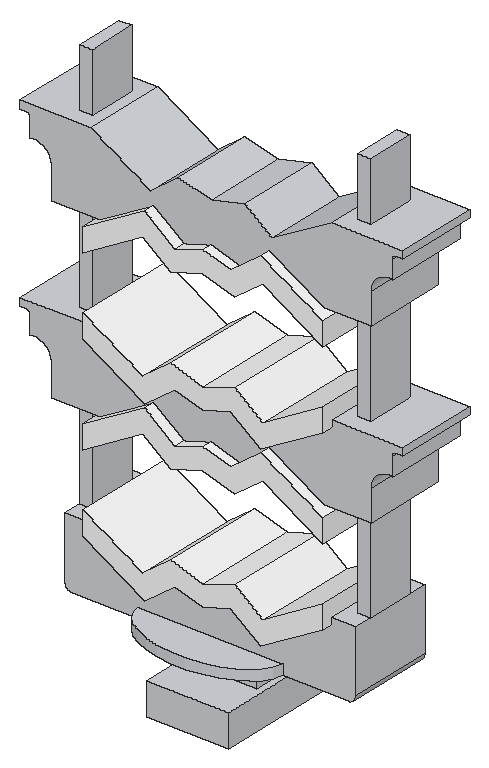
Revit family "550-2122Q", category Pipe Accessories, Revit 2017
Family settings
  Round Connector Dimension = Use Diameter
  Part Type = Normal
  Work Plane-Based = No
  Always vertical = Yes
  Cut with Voids When Loaded = No
  Shared = No
Parameters
  URL = "WWW.SIOUXCHIEF.COM"
  Spread Distance 2 [instance] = 1.000"
  Spread Distance [instance] = 1.000"
  Model = "550-2122Q"
  Manufacturer = "SIOUX CHIEF MANUFACTURING, INC."
  Description = "TD+ UNIVERSAL CLAMPS"
Reference planes (in)
  plane 1 "Center (Front/Back)": y = 0
  plane 2: z = 0
  plane 3 "Center (Left/Right)": x = 0
  plane 4: z = 0.60185
  plane 5: z = 1.60185
  plane 6: z = 3.34699
  plane 7: z = 2.34699
Forms (in)
  Extrusion 1, solid
    sketch origin (0, 0, 0) x (1, 0, 0) y (0, 1, 0)
      loop
        line (-1.4375, 0.24262) -> (-1.4375, -0.24262) -> (-1.3125, -0.24262) -> (-1.3125, 0.24262) -> (-1.4375, 0.24262)
    from 0.679 to 4.75
  Extrusion 2, solid
    sketch origin (0, 0, 0) x (-1, 0, 0) y (0, -1, 0)
      loop
        line (-1.4375, -0.24262) -> (-1.3125, -0.24262) -> (-1.3125, 0.24262) -> (-1.4375, 0.24262) -> (-1.4375, -0.24262)
    from 0.679 to 4.75
  Extrusion 3, solid
    sketch origin (0, 0.39993, 0) x (1, 0, 0) y (0, 0, 1)
      loop
        arc (1.365, 0) -> (1.4162, 0.0212) -> (1.4374, 0.0724) r 0.0724
        line (1.4374, 0.0724) -> (1.4374, 0.679) -> (1.1346, 0.679) -> (0.6041, 0.3762) -> (0.3361, 0.5915) -> (0, 0.50643) -> (-0.3361, 0.5915) -> (-0.6041, 0.3762) -> (-1.1346, 0.679) -> (-1.4374, 0.679) -> (-1.4374, 0.0724)
        arc (-1.4374, 0.0724) -> (-1.4162, 0.0212) -> (-1.365, 0) r 0.0724
        line (-1.365, 0) -> (1.365, 0)
    from -0.02514 to 0.825
  Extrusion 4, solid
    sketch origin (0, -0.25, 0) x (1, 0, 0) y (0, 1, 0)
      loop
        line (-0.341, 0.525) -> (-0.341, -0.025) -> (0.341, -0.025) -> (0.341, 0.525) -> (-0.341, 0.525)
    from 0 to -0.316
  Extrusion 5, solid
    sketch origin (-0.11988, -0.04826, -2.5) x (1, 0, 0) y (0, 1, 0)
      loop
        line (-0.28262, 0.75376) -> (-0.28262, -0.65724) -> (0.52238, -0.65724) -> (0.52238, 0.75376) -> (-0.28262, 0.75376)
    from 1.8653 to 2.184
  Extrusion 6, solid
    sketch origin (0, 0, 0) x (1, 0, 0) y (0, 1, 0)
      loop
        spline (-0.711, -0.42507) -> (-0.68677, -0.52806) -> (-0.61574, -0.62404) -> (-0.50275, -0.70645) -> (-0.3555, -0.76969) -> (-0.18402, -0.80944) -> (0, -0.823) -> (0.18402, -0.80944) -> (0.3555, -0.76969) -> (0.50275, -0.70645) -> (0.61574, -0.62404) -> (0.68677, -0.52806) -> (0.711, -0.42507)
        line (0.711, -0.42507) -> (-0.711, -0.42507)
    from 0 to 0.1
  Extrusion 7, solid
    sketch origin (0, 0, 0) x (1, 0, 0) y (0, 1, 0)
      loop
        line (-0.711, 0.42507) -> (0.711, 0.42507)
        spline (0.711, 0.42507) -> (0.68677, 0.52806) -> (0.61574, 0.62404) -> (0.50275, 0.70645) -> (0.3555, 0.76969) -> (0.18402, 0.80944) -> (0, 0.823) -> (-0.18402, 0.80944) -> (-0.3555, 0.76969) -> (-0.50275, 0.70645) -> (-0.61574, 0.62404) -> (-0.68677, 0.52806) -> (-0.711, 0.42507)
    from 0 to 0.1
  Extrusion 8, solid
    sketch origin (0, 0.25, 0.41715) x (1, 0, 0) y (0, 0, 1)
      loop
        line (-0.00363, 1.28449) -> (0.2179, 1.22889) -> (0.3651, 1.22889) -> (0.5873, 1.41219) -> (0.9151, 1.22889) -> (1.5817, 1.22889) -> (1.5817, 1.54282)
        arc (1.5817, 1.54282) -> (1.64704, 1.67873) -> (1.794, 1.71259) r 0.17403
        line (1.794, 1.71259) -> (1.794, 1.90206)
        arc (1.794, 1.90206) -> (1.80256, 1.92273) -> (1.82323, 1.93129) r 0.02923
        line (1.82323, 1.93129) -> (1.894, 1.93129) -> (1.894, 2.00699) -> (1.1924, 2.00699) -> (0.5952, 1.65979) -> (0.3319, 1.87079) -> (0, 1.78749) -> (-0.3319, 1.87079) -> (-0.5952, 1.65979) -> (-1.1924, 2.00699) -> (-1.894, 2.00699) -> (-1.894, 1.93129) -> (-1.82323, 1.93129)
        arc (-1.82323, 1.93129) -> (-1.80256, 1.92273) -> (-1.794, 1.90206) r 0.02923
        line (-1.794, 1.90206) -> (-1.794, 1.71259)
        arc (-1.794, 1.71259) -> (-1.64704, 1.67873) -> (-1.5817, 1.54282) r 0.17403
        line (-1.5817, 1.54282) -> (-1.5817, 1.22889) -> (-0.9151, 1.22889) -> (-0.5873, 1.41219) -> (-0.3651, 1.22889) -> (-0.2179, 1.22889) -> (0, 1.28357)
    from -0.1625 to 0.6625
  Extrusion 9, solid, not visible
    sketch origin (0, 0, 0) x (1, 0, 0) y (0, 1, 0)
      loop
        line (-1.4375, 0.24262) -> (-1.4375, -0.24262) -> (-1.3125, -0.24262) -> (-1.3125, 0.24262) -> (-1.4375, 0.24262)
    from 0.679 to 4.75
  Extrusion 10, solid, not visible
    sketch origin (0, 0, 0) x (-1, 0, 0) y (0, -1, 0)
      loop
        line (-1.4375, -0.24262) -> (-1.3125, -0.24262) -> (-1.3125, 0.24262) -> (-1.4375, 0.24262) -> (-1.4375, -0.24262)
    from 0.679 to 4.75
  Extrusion 11, solid, not visible
    sketch origin (0, 0.39993, 0) x (1, 0, 0) y (0, 0, 1)
      loop
        arc (1.365, 0) -> (1.4162, 0.0212) -> (1.4374, 0.0724) r 0.0724
        line (1.4374, 0.0724) -> (1.4374, 0.679) -> (1.1346, 0.679) -> (0.6041, 0.3762) -> (0.3361, 0.5915) -> (0, 0.50643) -> (-0.3361, 0.5915) -> (-0.6041, 0.3762) -> (-1.1346, 0.679) -> (-1.4374, 0.679) -> (-1.4374, 0.0724)
        arc (-1.4374, 0.0724) -> (-1.4162, 0.0212) -> (-1.365, 0) r 0.0724
        line (-1.365, 0) -> (1.365, 0)
    from -0.02514 to 0.825
  Extrusion 12, solid, not visible
    sketch origin (0, -0.25, 0) x (1, 0, 0) y (0, 1, 0)
      loop
        line (-0.341, 0.525) -> (-0.341, -0.025) -> (0.341, -0.025) -> (0.341, 0.525) -> (-0.341, 0.525)
    from 0 to -0.316
  Extrusion 13, solid, not visible
    sketch origin (-0.11988, -0.04826, -2.5) x (1, 0, 0) y (0, 1, 0)
      loop
        line (-0.28262, 0.75376) -> (-0.28262, -0.65724) -> (0.52238, -0.65724) -> (0.52238, 0.75376) -> (-0.28262, 0.75376)
    from 1.8653 to 2.184
  Extrusion 14, solid, not visible
    sketch origin (0, 0, 0) x (1, 0, 0) y (0, 1, 0)
      loop
        spline (-0.711, -0.42507) -> (-0.68677, -0.52806) -> (-0.61574, -0.62404) -> (-0.50275, -0.70645) -> (-0.3555, -0.76969) -> (-0.18402, -0.80944) -> (0, -0.823) -> (0.18402, -0.80944) -> (0.3555, -0.76969) -> (0.50275, -0.70645) -> (0.61574, -0.62404) -> (0.68677, -0.52806) -> (0.711, -0.42507)
        line (0.711, -0.42507) -> (-0.711, -0.42507)
    from 0 to 0.1
  Extrusion 15, solid, not visible
    sketch origin (0, 0, 0) x (1, 0, 0) y (0, 1, 0)
      loop
        line (-0.711, 0.42507) -> (0.711, 0.42507)
        spline (0.711, 0.42507) -> (0.68677, 0.52806) -> (0.61574, 0.62404) -> (0.50275, 0.70645) -> (0.3555, 0.76969) -> (0.18402, 0.80944) -> (0, 0.823) -> (-0.18402, 0.80944) -> (-0.3555, 0.76969) -> (-0.50275, 0.70645) -> (-0.61574, 0.62404) -> (-0.68677, 0.52806) -> (-0.711, 0.42507)
    from 0 to 0.1
  Extrusion 16, solid, not visible
    sketch origin (0, 0.25, 0) x (1, 0, 0) y (0, 0, 1)
      loop
        line (-0.00363, 1.28449) -> (0.2179, 1.22889) -> (0.3651, 1.22889) -> (0.5873, 1.41219) -> (0.9151, 1.22889) -> (1.5817, 1.22889) -> (1.5817, 1.54282)
        arc (1.5817, 1.54282) -> (1.64704, 1.67873) -> (1.794, 1.71259) r 0.17403
        line (1.794, 1.71259) -> (1.794, 1.90206)
        arc (1.794, 1.90206) -> (1.80256, 1.92273) -> (1.82323, 1.93129) r 0.02923
        line (1.82323, 1.93129) -> (1.894, 1.93129) -> (1.894, 2.00699) -> (1.1924, 2.00699) -> (0.5952, 1.65979) -> (0.3319, 1.87079) -> (0, 1.78749) -> (-0.3319, 1.87079) -> (-0.5952, 1.65979) -> (-1.1924, 2.00699) -> (-1.894, 2.00699) -> (-1.894, 1.93129) -> (-1.82323, 1.93129)
        arc (-1.82323, 1.93129) -> (-1.80256, 1.92273) -> (-1.794, 1.90206) r 0.02923
        line (-1.794, 1.90206) -> (-1.794, 1.71259)
        arc (-1.794, 1.71259) -> (-1.64704, 1.67873) -> (-1.5817, 1.54282) r 0.17403
        line (-1.5817, 1.54282) -> (-1.5817, 1.22889) -> (-0.9151, 1.22889) -> (-0.5873, 1.41219) -> (-0.3651, 1.22889) -> (-0.2179, 1.22889) -> (0, 1.28357)
    from -0.1625 to 0.6625
  Extrusion 17, solid
    sketch origin (0, 0.25, 2.16229) x (1, 0, 0) y (0, 0, 1)
      loop
        line (-0.00363, 1.28449) -> (0.2179, 1.22889) -> (0.3651, 1.22889) -> (0.5873, 1.41219) -> (0.9151, 1.22889) -> (1.5817, 1.22889) -> (1.5817, 1.54282)
        arc (1.5817, 1.54282) -> (1.64704, 1.67873) -> (1.794, 1.71259) r 0.17403
        line (1.794, 1.71259) -> (1.794, 1.90206)
        arc (1.794, 1.90206) -> (1.80256, 1.92273) -> (1.82323, 1.93129) r 0.02923
        line (1.82323, 1.93129) -> (1.894, 1.93129) -> (1.894, 2.00699) -> (1.1924, 2.00699) -> (0.5952, 1.65979) -> (0.3319, 1.87079) -> (0, 1.78749) -> (-0.3319, 1.87079) -> (-0.5952, 1.65979) -> (-1.1924, 2.00699) -> (-1.894, 2.00699) -> (-1.894, 1.93129) -> (-1.82323, 1.93129)
        arc (-1.82323, 1.93129) -> (-1.80256, 1.92273) -> (-1.794, 1.90206) r 0.02923
        line (-1.794, 1.90206) -> (-1.794, 1.71259)
        arc (-1.794, 1.71259) -> (-1.64704, 1.67873) -> (-1.5817, 1.54282) r 0.17403
        line (-1.5817, 1.54282) -> (-1.5817, 1.22889) -> (-0.9151, 1.22889) -> (-0.5873, 1.41219) -> (-0.3651, 1.22889) -> (-0.2179, 1.22889) -> (0, 1.28357)
    from -0.1625 to 0.6625
  Extrusion 18, solid, not visible
    sketch origin (0, 0, 0) x (1, 0, 0) y (0, 1, 0)
      loop
        line (-1.4375, 0.24262) -> (-1.4375, -0.24262) -> (-1.3125, -0.24262) -> (-1.3125, 0.24262) -> (-1.4375, 0.24262)
    from 0.679 to 4.75
  Extrusion 19, solid, not visible
    sketch origin (0, 0, 0) x (-1, 0, 0) y (0, -1, 0)
      loop
        line (-1.4375, -0.24262) -> (-1.3125, -0.24262) -> (-1.3125, 0.24262) -> (-1.4375, 0.24262) -> (-1.4375, -0.24262)
    from 0.679 to 4.75
  Extrusion 20, solid, not visible
    sketch origin (0, 0.39993, 0) x (1, 0, 0) y (0, 0, 1)
      loop
        arc (1.365, 0) -> (1.4162, 0.0212) -> (1.4374, 0.0724) r 0.0724
        line (1.4374, 0.0724) -> (1.4374, 0.679) -> (1.1346, 0.679) -> (0.6041, 0.3762) -> (0.3361, 0.5915) -> (0, 0.50643) -> (-0.3361, 0.5915) -> (-0.6041, 0.3762) -> (-1.1346, 0.679) -> (-1.4374, 0.679) -> (-1.4374, 0.0724)
        arc (-1.4374, 0.0724) -> (-1.4162, 0.0212) -> (-1.365, 0) r 0.0724
        line (-1.365, 0) -> (1.365, 0)
    from -0.02514 to 0.825
  Extrusion 21, solid, not visible
    sketch origin (0, -0.25, 0) x (1, 0, 0) y (0, 1, 0)
      loop
        line (-0.341, 0.525) -> (-0.341, -0.025) -> (0.341, -0.025) -> (0.341, 0.525) -> (-0.341, 0.525)
    from 0 to -0.316
  Extrusion 22, solid, not visible
    sketch origin (-0.11988, -0.04826, -2.5) x (1, 0, 0) y (0, 1, 0)
      loop
        line (-0.28262, 0.75376) -> (-0.28262, -0.65724) -> (0.52238, -0.65724) -> (0.52238, 0.75376) -> (-0.28262, 0.75376)
    from 1.8653 to 2.184
  Extrusion 23, solid, not visible
    sketch origin (0, 0, 0) x (1, 0, 0) y (0, 1, 0)
      loop
        spline (-0.711, -0.42507) -> (-0.68677, -0.52806) -> (-0.61574, -0.62404) -> (-0.50275, -0.70645) -> (-0.3555, -0.76969) -> (-0.18402, -0.80944) -> (0, -0.823) -> (0.18402, -0.80944) -> (0.3555, -0.76969) -> (0.50275, -0.70645) -> (0.61574, -0.62404) -> (0.68677, -0.52806) -> (0.711, -0.42507)
        line (0.711, -0.42507) -> (-0.711, -0.42507)
    from 0 to 0.1
  Extrusion 24, solid, not visible
    sketch origin (0, 0, 0) x (1, 0, 0) y (0, 1, 0)
      loop
        line (-0.711, 0.42507) -> (0.711, 0.42507)
        spline (0.711, 0.42507) -> (0.68677, 0.52806) -> (0.61574, 0.62404) -> (0.50275, 0.70645) -> (0.3555, 0.76969) -> (0.18402, 0.80944) -> (0, 0.823) -> (-0.18402, 0.80944) -> (-0.3555, 0.76969) -> (-0.50275, 0.70645) -> (-0.61574, 0.62404) -> (-0.68677, 0.52806) -> (-0.711, 0.42507)
    from 0 to 0.1
  Extrusion 25, solid, not visible
    sketch origin (0, 0.25, -0.04989) x (1, 0, 0) y (0, 0, 1)
      loop
        line (-0.00363, 1.28449) -> (0.2179, 1.22889) -> (0.3651, 1.22889) -> (0.5873, 1.41219) -> (0.9151, 1.22889) -> (1.5817, 1.22889) -> (1.5817, 1.54282)
        arc (1.5817, 1.54282) -> (1.64704, 1.67873) -> (1.794, 1.71259) r 0.17403
        line (1.794, 1.71259) -> (1.794, 1.90206)
        arc (1.794, 1.90206) -> (1.80256, 1.92273) -> (1.82323, 1.93129) r 0.02923
        line (1.82323, 1.93129) -> (1.894, 1.93129) -> (1.894, 2.00699) -> (1.1924, 2.00699) -> (0.5952, 1.65979) -> (0.3319, 1.87079) -> (0, 1.78749) -> (-0.3319, 1.87079) -> (-0.5952, 1.65979) -> (-1.1924, 2.00699) -> (-1.894, 2.00699) -> (-1.894, 1.93129) -> (-1.82323, 1.93129)
        arc (-1.82323, 1.93129) -> (-1.80256, 1.92273) -> (-1.794, 1.90206) r 0.02923
        line (-1.794, 1.90206) -> (-1.794, 1.71259)
        arc (-1.794, 1.71259) -> (-1.64704, 1.67873) -> (-1.5817, 1.54282) r 0.17403
        line (-1.5817, 1.54282) -> (-1.5817, 1.22889) -> (-0.9151, 1.22889) -> (-0.5873, 1.41219) -> (-0.3651, 1.22889) -> (-0.2179, 1.22889) -> (0, 1.28357)
    from -0.1625 to 0.6625
  Extrusion 26, solid, not visible
    sketch origin (0, 0.25, 1.22821) x (1, 0, 0) y (0, 0, 1)
      loop
        line (-0.00363, 1.28449) -> (0.2179, 1.22889) -> (0.3651, 1.22889) -> (0.5873, 1.41219) -> (0.9151, 1.22889) -> (1.5817, 1.22889) -> (1.5817, 1.54282)
        arc (1.5817, 1.54282) -> (1.64704, 1.67873) -> (1.794, 1.71259) r 0.17403
        line (1.794, 1.71259) -> (1.794, 1.90206)
        arc (1.794, 1.90206) -> (1.80256, 1.92273) -> (1.82323, 1.93129) r 0.02923
        line (1.82323, 1.93129) -> (1.894, 1.93129) -> (1.894, 2.00699) -> (1.1924, 2.00699) -> (0.5952, 1.65979) -> (0.3319, 1.87079) -> (0, 1.78749) -> (-0.3319, 1.87079) -> (-0.5952, 1.65979) -> (-1.1924, 2.00699) -> (-1.894, 2.00699) -> (-1.894, 1.93129) -> (-1.82323, 1.93129)
        arc (-1.82323, 1.93129) -> (-1.80256, 1.92273) -> (-1.794, 1.90206) r 0.02923
        line (-1.794, 1.90206) -> (-1.794, 1.71259)
        arc (-1.794, 1.71259) -> (-1.64704, 1.67873) -> (-1.5817, 1.54282) r 0.17403
        line (-1.5817, 1.54282) -> (-1.5817, 1.22889) -> (-0.9151, 1.22889) -> (-0.5873, 1.41219) -> (-0.3651, 1.22889) -> (-0.2179, 1.22889) -> (0, 1.28357)
    from -0.1625 to 0.6625
Dimensions and locks (in)
  locked: Extrusion 1 sketch curve to Extrusion 1 sketch curve at 0.48523
  locked: Extrusion 1 sketch curve to Extrusion 1 sketch curve at 0.125
  Extrusion 2 sketch curve to Extrusion 2 sketch curve = 0.48523"
  locked: Extrusion 2 sketch curve to Extrusion 2 sketch curve at 0.48523
  locked: Extrusion 2 sketch curve to Extrusion 2 sketch curve at 0.125
  equal spacing: Extrusion 3, plane 1 "Center (Front/Back)", Extrusion 3
  Extrusion 4 sketch curve to Extrusion 4 sketch curve = 0.550"
  Extrusion 4 sketch curve to Extrusion 4 sketch curve = 0.682"
  locked: Extrusion 4 sketch curve to Extrusion 4 sketch curve at 0.682
  locked: Extrusion 4 to Extrusion 4 at 0.55
  equal spacing: Extrusion 4, plane 1 "Center (Front/Back)", Extrusion 4
  locked: Extrusion 1 to level at 4.75
  locked: Extrusion 2 to level at 4.75
  locked: Extrusion 5 to Extrusion 5 at 0.805
  locked: Extrusion 5 to Extrusion 5 at 1.411
  equal spacing: Extrusion 5, plane 1 "Center (Front/Back)", Extrusion 5
  equal spacing: Extrusion 5, plane 3 "Center (Left/Right)", Extrusion 5
  locked: Extrusion 5 to Extrusion 5 at 0.3187
  locked: Extrusion 6 to Extrusion 6 at 0.1
  locked: Extrusion 7 to Extrusion 7 at 0.1
  locked: Extrusion 8 to Extrusion 8 at 0.825
  equal spacing: Extrusion 8, plane 1 "Center (Front/Back)", Extrusion 8
  locked: Extrusion 9 sketch curve to Extrusion 9 sketch curve at 0.48523
  locked: Extrusion 9 sketch curve to Extrusion 9 sketch curve at 0.125
  Extrusion 10 sketch curve to Extrusion 10 sketch curve = 0.48523"
  locked: Extrusion 10 sketch curve to Extrusion 10 sketch curve at 0.48523
  locked: Extrusion 10 sketch curve to Extrusion 10 sketch curve at 0.125
  Extrusion 12 sketch curve to Extrusion 12 sketch curve = 0.550"
  Extrusion 12 sketch curve to Extrusion 12 sketch curve = 0.682"
  locked: Extrusion 12 sketch curve to Extrusion 12 sketch curve at 0.682
  locked: Extrusion 17 to Extrusion 17 at 0.825
  Extrusion 17 to Extrusion 17 = 0.825"
  locked: Extrusion 18 sketch curve to Extrusion 18 sketch curve at 0.48523
  locked: Extrusion 18 sketch curve to Extrusion 18 sketch curve at 0.125
  Extrusion 19 sketch curve to Extrusion 19 sketch curve = 0.48523"
  locked: Extrusion 19 sketch curve to Extrusion 19 sketch curve at 0.48523
  locked: Extrusion 19 sketch curve to Extrusion 19 sketch curve at 0.125
  Extrusion 21 sketch curve to Extrusion 21 sketch curve = 0.550"
  Extrusion 21 sketch curve to Extrusion 21 sketch curve = 0.682"
  locked: Extrusion 21 sketch curve to Extrusion 21 sketch curve at 0.682
  locked: plane 4 to level at 0.60185
  "Spread Distance": plane 5 to plane 4
  locked: plane 7 to plane 5 at 0.74514
  "Spread Distance 2": plane 6 to plane 7
  aligned and locked: plane 2 to level
  aligned and locked: Extrusion 1 to Extrusion 3
  aligned and locked: Extrusion 2 to Extrusion 3
  aligned and locked: Extrusion 5 to Extrusion 4
  aligned and locked: Extrusion 6 to level
  aligned and locked: Extrusion 7 to level
  aligned and locked: plane 4 to nested 1
  aligned and locked: plane 5 to nested 3
  aligned and locked: plane 6 to nested 4
  aligned and locked: plane 7 to nested 2
Automatic sketch dimensions
  Extrusion 3 sketch curve to Extrusion 3 sketch curve = 0.268"  (x2)
  Extrusion 3 sketch curve to Extrusion 3 sketch curve = 0.5305"  (x2)
  Extrusion 3 sketch curve to Extrusion 3 sketch curve = 0.2304"  (x2)
  Extrusion 3 sketch curve to Extrusion 3 sketch curve = 0.2153"  (x2)
  Extrusion 3 sketch curve to Extrusion 3 sketch curve = 0.3028"  (x2)
  Extrusion 8 sketch curve to Extrusion 8 sketch curve = 0.1472"  (x2)
  Extrusion 8 sketch curve to Extrusion 8 sketch curve = 0.2222"  (x2)
  Extrusion 8 sketch curve to Extrusion 8 sketch curve = 0.0079"  (x2)
  Extrusion 8 sketch curve to Extrusion 8 sketch curve = 0.3278"  (x2)
  Extrusion 8 sketch curve to Extrusion 8 sketch curve = 0.5972"  (x2)
  Extrusion 8 sketch curve to Extrusion 8 sketch curve = 0.6666"  (x2)
  Extrusion 8 sketch curve to Extrusion 8 sketch curve = 0.17403"  (x2)
  Extrusion 8 sketch curve to Extrusion 8 sketch curve = 0.03827"  (x2)
  Extrusion 8 sketch curve to Extrusion 8 sketch curve = 0.02923"  (x2)
  Extrusion 8 sketch curve to Extrusion 8 sketch curve = 0.07077"  (x2)
  Extrusion 8 sketch curve to Extrusion 8 sketch curve = 0.000"  (x3)
  Extrusion 8 sketch curve to Extrusion 8 sketch curve = 0.1833"  (x2)
  Extrusion 8 sketch curve to Extrusion 8 sketch curve = 0.31393"  (x2)
  Extrusion 8 sketch curve to Extrusion 8 sketch curve = 0.2476"  (x2)
  Extrusion 8 sketch curve to Extrusion 8 sketch curve = 0.5586"
  Extrusion 8 sketch curve to Extrusion 8 sketch curve = 0.211"  (x2)
  Extrusion 8 sketch curve to Extrusion 8 sketch curve = 0.18947"  (x2)
  Extrusion 8 sketch curve to Extrusion 8 sketch curve = 0.46417"  (x2)
  Extrusion 8 sketch curve to Extrusion 8 sketch curve = 0.05469"
  Extrusion 3 sketch curve to Extrusion 3 sketch curve = 0.0724"  (x2)
  Extrusion 3 sketch curve to Extrusion 3 sketch curve = 0.3361"  (x2)
  Extrusion 3 sketch curve to Extrusion 3 sketch curve = 0.3038"  (x2)
  Extrusion 3 sketch curve to Extrusion 3 sketch curve = 0.08507"
  Extrusion 4 sketch curve to Extrusion 4 sketch curve = 0.550"
  Extrusion 5 sketch curve to Extrusion 5 sketch curve = 0.805"
  Extrusion 5 sketch curve to Extrusion 5 sketch curve = 1.411"
  Extrusion 6 sketch curve to Extrusion 6 sketch curve = 1.422"
  Extrusion 7 sketch curve to Extrusion 7 sketch curve = 1.422"
  Extrusion 11 sketch curve to Extrusion 11 sketch curve = 0.268"  (x2)
  Extrusion 11 sketch curve to Extrusion 11 sketch curve = 0.5305"  (x2)
  Extrusion 11 sketch curve to Extrusion 11 sketch curve = 0.2304"  (x2)
  Extrusion 11 sketch curve to Extrusion 11 sketch curve = 0.2153"  (x2)
  Extrusion 11 sketch curve to Extrusion 11 sketch curve = 0.3028"  (x2)
  Extrusion 11 sketch curve to Extrusion 11 sketch curve = 0.0724"  (x2)
  Extrusion 11 sketch curve to Extrusion 11 sketch curve = 0.3361"  (x2)
  Extrusion 11 sketch curve to Extrusion 11 sketch curve = 0.3038"  (x2)
  Extrusion 11 sketch curve to Extrusion 11 sketch curve = 0.08507"
  Extrusion 12 sketch curve to Extrusion 12 sketch curve = 0.550"
  Extrusion 13 sketch curve to Extrusion 13 sketch curve = 0.805"
  Extrusion 13 sketch curve to Extrusion 13 sketch curve = 1.411"
  Extrusion 14 sketch curve to Extrusion 14 sketch curve = 1.422"
  Extrusion 15 sketch curve to Extrusion 15 sketch curve = 1.422"
  Extrusion 8 sketch curve to Extrusion 8 sketch curve = 0.2633"  (x2)
  Extrusion 8 sketch curve to Extrusion 8 sketch curve = 0.3319"
  Extrusion 8 sketch curve to Extrusion 8 sketch curve = 0.4358"
  Extrusion 8 sketch curve to Extrusion 8 sketch curve = 0.21427"
  Extrusion 8 sketch curve to Extrusion 8 sketch curve = 0.00363"
  Extrusion 16 sketch curve to Extrusion 16 sketch curve = 0.1472"  (x2)
  Extrusion 16 sketch curve to Extrusion 16 sketch curve = 0.2222"  (x2)
  Extrusion 16 sketch curve to Extrusion 16 sketch curve = 0.0079"  (x2)
  Extrusion 16 sketch curve to Extrusion 16 sketch curve = 0.3278"  (x2)
  Extrusion 16 sketch curve to Extrusion 16 sketch curve = 0.5972"  (x2)
  Extrusion 16 sketch curve to Extrusion 16 sketch curve = 0.6666"  (x2)
  Extrusion 16 sketch curve to Extrusion 16 sketch curve = 0.17403"  (x2)
  Extrusion 16 sketch curve to Extrusion 16 sketch curve = 0.03827"  (x2)
  Extrusion 16 sketch curve to Extrusion 16 sketch curve = 0.02923"  (x2)
  Extrusion 16 sketch curve to Extrusion 16 sketch curve = 0.07077"  (x2)
  Extrusion 16 sketch curve to Extrusion 16 sketch curve = 0.000"  (x3)
  Extrusion 16 sketch curve to Extrusion 16 sketch curve = 0.1833"  (x2)
  Extrusion 16 sketch curve to Extrusion 16 sketch curve = 0.31393"  (x2)
  Extrusion 16 sketch curve to Extrusion 16 sketch curve = 0.2476"  (x2)
  Extrusion 16 sketch curve to Extrusion 16 sketch curve = 0.5586"
  Extrusion 16 sketch curve to Extrusion 16 sketch curve = 0.211"  (x2)
  Extrusion 16 sketch curve to Extrusion 16 sketch curve = 0.18947"  (x2)
  Extrusion 16 sketch curve to Extrusion 16 sketch curve = 0.46417"  (x2)
  Extrusion 16 sketch curve to Extrusion 16 sketch curve = 0.05469"
  Extrusion 16 sketch curve to Extrusion 16 sketch curve = 0.2633"  (x2)
  Extrusion 16 sketch curve to Extrusion 16 sketch curve = 0.3319"
  Extrusion 16 sketch curve to Extrusion 16 sketch curve = 0.4358"
  Extrusion 16 sketch curve to Extrusion 16 sketch curve = 0.21427"
  Extrusion 16 sketch curve to Extrusion 16 sketch curve = 0.00363"
  Extrusion 17 sketch curve to Extrusion 17 sketch curve = 0.1472"  (x2)
  Extrusion 17 sketch curve to Extrusion 17 sketch curve = 0.2222"  (x2)
  Extrusion 17 sketch curve to Extrusion 17 sketch curve = 0.0079"  (x2)
  Extrusion 17 sketch curve to Extrusion 17 sketch curve = 0.3278"  (x2)
  Extrusion 17 sketch curve to Extrusion 17 sketch curve = 0.5972"  (x2)
  Extrusion 17 sketch curve to Extrusion 17 sketch curve = 0.6666"  (x2)
  Extrusion 17 sketch curve to Extrusion 17 sketch curve = 0.17403"  (x2)
  Extrusion 17 sketch curve to Extrusion 17 sketch curve = 0.03827"  (x2)
  Extrusion 17 sketch curve to Extrusion 17 sketch curve = 0.02923"  (x2)
  Extrusion 17 sketch curve to Extrusion 17 sketch curve = 0.07077"  (x2)
  Extrusion 17 sketch curve to Extrusion 17 sketch curve = 0.000"  (x3)
  Extrusion 17 sketch curve to Extrusion 17 sketch curve = 0.1833"  (x2)
  Extrusion 17 sketch curve to Extrusion 17 sketch curve = 0.31393"  (x2)
  Extrusion 17 sketch curve to Extrusion 17 sketch curve = 0.2476"  (x2)
  Extrusion 17 sketch curve to Extrusion 17 sketch curve = 0.5586"
  Extrusion 17 sketch curve to Extrusion 17 sketch curve = 0.211"  (x2)
  Extrusion 17 sketch curve to Extrusion 17 sketch curve = 0.18947"  (x2)
  Extrusion 17 sketch curve to Extrusion 17 sketch curve = 0.46417"  (x2)
  Extrusion 17 sketch curve to Extrusion 17 sketch curve = 0.05469"
  Extrusion 17 sketch curve to Extrusion 17 sketch curve = 0.2633"  (x2)
  Extrusion 17 sketch curve to Extrusion 17 sketch curve = 0.3319"
  Extrusion 17 sketch curve to Extrusion 17 sketch curve = 0.4358"
  Extrusion 17 sketch curve to Extrusion 17 sketch curve = 0.21427"
  Extrusion 17 sketch curve to Extrusion 17 sketch curve = 0.00363"
  Extrusion 20 sketch curve to Extrusion 20 sketch curve = 0.268"  (x2)
  Extrusion 20 sketch curve to Extrusion 20 sketch curve = 0.5305"  (x2)
  Extrusion 20 sketch curve to Extrusion 20 sketch curve = 0.2304"  (x2)
  Extrusion 20 sketch curve to Extrusion 20 sketch curve = 0.2153"  (x2)
  Extrusion 20 sketch curve to Extrusion 20 sketch curve = 0.3028"  (x2)
  Extrusion 20 sketch curve to Extrusion 20 sketch curve = 0.0724"  (x2)
  Extrusion 20 sketch curve to Extrusion 20 sketch curve = 0.3361"  (x2)
  Extrusion 20 sketch curve to Extrusion 20 sketch curve = 0.3038"  (x2)
  Extrusion 20 sketch curve to Extrusion 20 sketch curve = 0.08507"
  Extrusion 21 sketch curve to Extrusion 21 sketch curve = 0.550"
  Extrusion 22 sketch curve to Extrusion 22 sketch curve = 0.805"
  Extrusion 22 sketch curve to Extrusion 22 sketch curve = 1.411"
  Extrusion 23 sketch curve to Extrusion 23 sketch curve = 1.422"
  Extrusion 24 sketch curve to Extrusion 24 sketch curve = 1.422"
  Extrusion 25 sketch curve to Extrusion 25 sketch curve = 0.1472"  (x2)
  Extrusion 25 sketch curve to Extrusion 25 sketch curve = 0.2222"  (x2)
  Extrusion 25 sketch curve to Extrusion 25 sketch curve = 0.0079"  (x2)
  Extrusion 25 sketch curve to Extrusion 25 sketch curve = 0.3278"  (x2)
  Extrusion 25 sketch curve to Extrusion 25 sketch curve = 0.5972"  (x2)
  Extrusion 25 sketch curve to Extrusion 25 sketch curve = 0.6666"  (x2)
  Extrusion 25 sketch curve to Extrusion 25 sketch curve = 0.17403"  (x2)
  Extrusion 25 sketch curve to Extrusion 25 sketch curve = 0.03827"  (x2)
  Extrusion 25 sketch curve to Extrusion 25 sketch curve = 0.02923"  (x2)
  Extrusion 25 sketch curve to Extrusion 25 sketch curve = 0.07077"  (x2)
  Extrusion 25 sketch curve to Extrusion 25 sketch curve = 0.000"  (x3)
  Extrusion 25 sketch curve to Extrusion 25 sketch curve = 0.1833"  (x2)
  Extrusion 25 sketch curve to Extrusion 25 sketch curve = 0.31393"  (x2)
  Extrusion 25 sketch curve to Extrusion 25 sketch curve = 0.2476"  (x2)
  Extrusion 25 sketch curve to Extrusion 25 sketch curve = 0.5586"
  Extrusion 25 sketch curve to Extrusion 25 sketch curve = 0.211"  (x2)
  Extrusion 25 sketch curve to Extrusion 25 sketch curve = 0.18947"  (x2)
  Extrusion 25 sketch curve to Extrusion 25 sketch curve = 0.46417"  (x2)
  Extrusion 25 sketch curve to Extrusion 25 sketch curve = 0.05469"
  Extrusion 25 sketch curve to Extrusion 25 sketch curve = 0.2633"  (x2)
  Extrusion 25 sketch curve to Extrusion 25 sketch curve = 0.3319"
  Extrusion 25 sketch curve to Extrusion 25 sketch curve = 0.4358"
  Extrusion 25 sketch curve to Extrusion 25 sketch curve = 0.21427"
  Extrusion 25 sketch curve to Extrusion 25 sketch curve = 0.00363"
  Extrusion 26 sketch curve to Extrusion 26 sketch curve = 0.1472"  (x2)
  Extrusion 26 sketch curve to Extrusion 26 sketch curve = 0.2222"  (x2)
  Extrusion 26 sketch curve to Extrusion 26 sketch curve = 0.0079"  (x2)
  Extrusion 26 sketch curve to Extrusion 26 sketch curve = 0.3278"  (x2)
  Extrusion 26 sketch curve to Extrusion 26 sketch curve = 0.5972"  (x2)
  Extrusion 26 sketch curve to Extrusion 26 sketch curve = 0.6666"  (x2)
  Extrusion 26 sketch curve to Extrusion 26 sketch curve = 0.17403"  (x2)
  Extrusion 26 sketch curve to Extrusion 26 sketch curve = 0.03827"  (x2)
  Extrusion 26 sketch curve to Extrusion 26 sketch curve = 0.02923"  (x2)
  Extrusion 26 sketch curve to Extrusion 26 sketch curve = 0.07077"  (x2)
  Extrusion 26 sketch curve to Extrusion 26 sketch curve = 0.000"  (x3)
  Extrusion 26 sketch curve to Extrusion 26 sketch curve = 0.1833"  (x2)
  Extrusion 26 sketch curve to Extrusion 26 sketch curve = 0.31393"  (x2)
  Extrusion 26 sketch curve to Extrusion 26 sketch curve = 0.2476"  (x2)
  Extrusion 26 sketch curve to Extrusion 26 sketch curve = 0.5586"
  Extrusion 26 sketch curve to Extrusion 26 sketch curve = 0.211"  (x2)
  Extrusion 26 sketch curve to Extrusion 26 sketch curve = 0.18947"  (x2)
  Extrusion 26 sketch curve to Extrusion 26 sketch curve = 0.46417"  (x2)
  Extrusion 26 sketch curve to Extrusion 26 sketch curve = 0.05469"
  Extrusion 26 sketch curve to Extrusion 26 sketch curve = 0.2633"  (x2)
  Extrusion 26 sketch curve to Extrusion 26 sketch curve = 0.3319"
  Extrusion 26 sketch curve to Extrusion 26 sketch curve = 0.4358"
  Extrusion 26 sketch curve to Extrusion 26 sketch curve = 0.21427"
  Extrusion 26 sketch curve to Extrusion 26 sketch curve = 0.00363"
Nested families (in)
  nested 1: "Insert" at (0, 0, 0.00195), type "Insert"
    with Spread Distance 1.000"
  nested 2: "Insert" at (0, 0, 1.74709), type "Insert"
    with Spread Distance 1.000"
  nested 3: "Insert" at (0, 0, 2.20175) x (1, 0, 0) z (0, 0, -1), type "Insert"
    with Spread Distance 1.000"
  nested 4: "Insert" at (0, 0, 3.94689) x (1, 0, 0) z (0, 0, -1), type "Insert"
    with Spread Distance 1.000"
  nested 5: "Insert" at (0, 0, 0.00195), type "Insert", not visible
    with Spread Distance 1.000"
  nested 6: "Insert" at (0, 0, 1.28005), type "Insert", not visible
    with Spread Distance 1.000"
  nested 7: "Insert" at (0, 0, 1.73472) x (1, 0, 0) z (0, 0, -1), type "Insert", not visible
    with Spread Distance 1.000"
  nested 8: "Insert" at (0, 0, 3.01282) x (1, 0, 0) z (0, 0, -1), type "Insert", not visible
    with Spread Distance 1.000"
Definition of nested family "Insert"
  Parameters (values of type "Insert")
    URL = "WWW.SIOUXCHIEF.COM"
    Spread Distance [instance] = 1.000"
    Model = "550-2111Q"
    Manufacturer = "SIOUX CHIEF MANUFACTURING, INC."
    Description = "TD+ UNIVERSAL CLAMPS"
  Reference planes (in)
    plane 1 "Center (Front/Back)": y = 0
    plane 2: z = 0
    plane 3 "Center (Left/Right)": x = 0
  Forms (in)
    Extrusion 1, solid, not visible
      sketch origin (0, 0.25, 0) x (1, 0, 0) y (0, 0, 1)
        loop
          line (-0.00363, 1.28449) -> (0.2179, 1.22889) -> (0.3651, 1.22889) -> (0.5873, 1.41219) -> (0.9151, 1.22889) -> (1.5817, 1.22889) -> (1.5817, 1.54282)
          arc (1.5817, 1.54282) -> (1.64704, 1.67873) -> (1.794, 1.71259) r 0.17403
          line (1.794, 1.71259) -> (1.794, 1.90206)
          arc (1.794, 1.90206) -> (1.80256, 1.92273) -> (1.82323, 1.93129) r 0.02923
          line (1.82323, 1.93129) -> (1.894, 1.93129) -> (1.894, 2.00699) -> (1.1924, 2.00699) -> (0.5952, 1.65979) -> (0.3319, 1.87079) -> (0, 1.78749) -> (-0.3319, 1.87079) -> (-0.5952, 1.65979) -> (-1.1924, 2.00699) -> (-1.894, 2.00699) -> (-1.894, 1.93129) -> (-1.82323, 1.93129)
          arc (-1.82323, 1.93129) -> (-1.80256, 1.92273) -> (-1.794, 1.90206) r 0.02923
          line (-1.794, 1.90206) -> (-1.794, 1.71259)
          arc (-1.794, 1.71259) -> (-1.64704, 1.67873) -> (-1.5817, 1.54282) r 0.17403
          line (-1.5817, 1.54282) -> (-1.5817, 1.22889) -> (-0.9151, 1.22889) -> (-0.5873, 1.41219) -> (-0.3651, 1.22889) -> (-0.2179, 1.22889) -> (0, 1.28357)
      from -0.1625 to 0.6625
    Extrusion 2, solid, not visible
      sketch origin (0, 0, 0) x (1, 0, 0) y (0, 1, 0)
        loop
          line (-1.4375, 0.24262) -> (-1.4375, -0.24262) -> (-1.3125, -0.24262) -> (-1.3125, 0.24262) -> (-1.4375, 0.24262)
      from 0.679 to 4.75
    Extrusion 3, solid, not visible
      sketch origin (0, 0, 0) x (-1, 0, 0) y (0, -1, 0)
        loop
          line (-1.4375, -0.24262) -> (-1.3125, -0.24262) -> (-1.3125, 0.24262) -> (-1.4375, 0.24262) -> (-1.4375, -0.24262)
      from 0.679 to 4.75
    Extrusion 4, solid, not visible
      sketch origin (0, 0.39993, 0) x (1, 0, 0) y (0, 0, 1)
        loop
          arc (1.365, 0) -> (1.4162, 0.0212) -> (1.4374, 0.0724) r 0.0724
          line (1.4374, 0.0724) -> (1.4374, 0.679) -> (1.1346, 0.679) -> (0.6041, 0.3762) -> (0.3361, 0.5915) -> (0, 0.50643) -> (-0.3361, 0.5915) -> (-0.6041, 0.3762) -> (-1.1346, 0.679) -> (-1.4374, 0.679) -> (-1.4374, 0.0724)
          arc (-1.4374, 0.0724) -> (-1.4162, 0.0212) -> (-1.365, 0) r 0.0724
          line (-1.365, 0) -> (1.365, 0)
      from -0.02514 to 0.825
    Extrusion 5, solid
      sketch origin (0, 0, 0) x (1, 0, 0) y (0, 0, 1)
        loop
          line (-1.1875, 0.60181) -> (-0.57489, 0.24535) -> (-0.27316, 0.47445) -> (0, 0.39071) -> (0.27316, 0.47445) -> (0.57489, 0.24535) -> (1.1875, 0.60181) -> (1.1875, 0.8332) -> (0.5896, 0.4853) -> (0.3125, 0.6957) -> (0, 0.5999) -> (-0.3125, 0.6957) -> (-0.5896, 0.4853) -> (-1.1875, 0.8332) -> (-1.1875, 0.60181)
      from -0.51786 to 0.51786
    Extrusion 6, solid, not visible
      sketch origin (0, 0.25, 0.45011) x (1, 0, 0) y (0, 0, 1)
        loop
          line (-0.00363, 1.28449) -> (0.2179, 1.22889) -> (0.3651, 1.22889) -> (0.5873, 1.41219) -> (0.9151, 1.22889) -> (1.5817, 1.22889) -> (1.5817, 1.54282)
          arc (1.5817, 1.54282) -> (1.64704, 1.67873) -> (1.794, 1.71259) r 0.17403
          line (1.794, 1.71259) -> (1.794, 1.90206)
          arc (1.794, 1.90206) -> (1.80256, 1.92273) -> (1.82323, 1.93129) r 0.02923
          line (1.82323, 1.93129) -> (1.894, 1.93129) -> (1.894, 2.00699) -> (1.1924, 2.00699) -> (0.5952, 1.65979) -> (0.3319, 1.87079) -> (0, 1.78749) -> (-0.3319, 1.87079) -> (-0.5952, 1.65979) -> (-1.1924, 2.00699) -> (-1.894, 2.00699) -> (-1.894, 1.93129) -> (-1.82323, 1.93129)
          arc (-1.82323, 1.93129) -> (-1.80256, 1.92273) -> (-1.794, 1.90206) r 0.02923
          line (-1.794, 1.90206) -> (-1.794, 1.71259)
          arc (-1.794, 1.71259) -> (-1.64704, 1.67873) -> (-1.5817, 1.54282) r 0.17403
          line (-1.5817, 1.54282) -> (-1.5817, 1.22889) -> (-0.9151, 1.22889) -> (-0.5873, 1.41219) -> (-0.3651, 1.22889) -> (-0.2179, 1.22889) -> (0, 1.28357)
      from -0.1625 to 0.6625
    Extrusion 7, solid, not visible
      sketch origin (0, 0, 2.24863) x (1, 0, 0) y (0, 0, 1)
        loop
          line (-1.1875, -0.60181) -> (-1.1875, -0.8332) -> (-0.5896, -0.4853) -> (-0.3125, -0.6957) -> (0, -0.5999) -> (0.3125, -0.6957) -> (0.5896, -0.4853) -> (1.1875, -0.8332) -> (1.1875, -0.60181) -> (0.57489, -0.24535) -> (0.27316, -0.47445) -> (0, -0.39071) -> (-0.27316, -0.47445) -> (-0.57489, -0.24535) -> (-1.1875, -0.60181)
      from -0.51786 to 0.51786
    Extrusion 8, solid, not visible
      sketch origin (0, 0, 0) x (1, 0, 0) y (0, 1, 0)
        loop
          line (-1.4375, 0.24262) -> (-1.4375, -0.24262) -> (-1.3125, -0.24262) -> (-1.3125, 0.24262) -> (-1.4375, 0.24262)
      from 0.679 to 4.75
    Extrusion 9, solid, not visible
      sketch origin (0, 0, 0) x (-1, 0, 0) y (0, -1, 0)
        loop
          line (-1.4375, -0.24262) -> (-1.3125, -0.24262) -> (-1.3125, 0.24262) -> (-1.4375, 0.24262) -> (-1.4375, -0.24262)
      from 0.679 to 4.75
    Extrusion 10, solid, not visible
      sketch origin (0, 0.39993, 0) x (1, 0, 0) y (0, 0, 1)
        loop
          arc (1.365, 0) -> (1.4162, 0.0212) -> (1.4374, 0.0724) r 0.0724
          line (1.4374, 0.0724) -> (1.4374, 0.679) -> (1.1346, 0.679) -> (0.6041, 0.3762) -> (0.3361, 0.5915) -> (0, 0.50643) -> (-0.3361, 0.5915) -> (-0.6041, 0.3762) -> (-1.1346, 0.679) -> (-1.4374, 0.679) -> (-1.4374, 0.0724)
          arc (-1.4374, 0.0724) -> (-1.4162, 0.0212) -> (-1.365, 0) r 0.0724
          line (-1.365, 0) -> (1.365, 0)
      from -0.02514 to 0.825
    Extrusion 11, solid, not visible
      sketch origin (0, 0, 0) x (1, 0, 0) y (0, 0, 1)
        loop
          line (-1.1875, 0.60181) -> (-0.57489, 0.24535) -> (-0.27316, 0.47445) -> (0, 0.39071) -> (0.27316, 0.47445) -> (0.57489, 0.24535) -> (1.1875, 0.60181) -> (1.1875, 0.8332) -> (0.5896, 0.4853) -> (0.3125, 0.6957) -> (0, 0.5999) -> (-0.3125, 0.6957) -> (-0.5896, 0.4853) -> (-1.1875, 0.8332) -> (-1.1875, 0.60181)
      from -0.51786 to 0.51786
  Dimensions and locks (in)
    locked: Extrusion 2 sketch curve to Extrusion 2 sketch curve at 0.48523
    locked: Extrusion 2 sketch curve to Extrusion 2 sketch curve at 0.125
    Extrusion 3 sketch curve to Extrusion 3 sketch curve = 0.48523"
    locked: Extrusion 3 sketch curve to Extrusion 3 sketch curve at 0.48523
    locked: Extrusion 3 sketch curve to Extrusion 3 sketch curve at 0.125
    equal spacing: Extrusion 5, plane 1 "Center (Front/Back)", Extrusion 5
    Extrusion 5 to Extrusion 5 = 1.03573"
    locked: Extrusion 5 to Extrusion 5 at 1.03573
    locked: Extrusion 8 sketch curve to Extrusion 8 sketch curve at 0.48523
    locked: Extrusion 8 sketch curve to Extrusion 8 sketch curve at 0.125
    Extrusion 9 sketch curve to Extrusion 9 sketch curve = 0.48523"
    locked: Extrusion 9 sketch curve to Extrusion 9 sketch curve at 0.48523
    locked: Extrusion 9 sketch curve to Extrusion 9 sketch curve at 0.125
    aligned and locked: plane 2 to level
  Automatic sketch dimensions
    Extrusion 1 sketch curve to Extrusion 1 sketch curve = 0.1472"  (x2)
    Extrusion 1 sketch curve to Extrusion 1 sketch curve = 0.2222"  (x2)
    Extrusion 1 sketch curve to Extrusion 1 sketch curve = 0.0079"  (x2)
    Extrusion 1 sketch curve to Extrusion 1 sketch curve = 0.3278"  (x2)
    Extrusion 1 sketch curve to Extrusion 1 sketch curve = 0.5972"  (x2)
    Extrusion 1 sketch curve to Extrusion 1 sketch curve = 0.6666"  (x2)
    Extrusion 1 sketch curve to Extrusion 1 sketch curve = 0.17403"  (x2)
    Extrusion 1 sketch curve to Extrusion 1 sketch curve = 0.03827"  (x2)
    Extrusion 1 sketch curve to Extrusion 1 sketch curve = 0.02923"  (x2)
    Extrusion 1 sketch curve to Extrusion 1 sketch curve = 0.07077"  (x2)
    Extrusion 1 sketch curve to Extrusion 1 sketch curve = 0.000"  (x3)
    Extrusion 1 sketch curve to Extrusion 1 sketch curve = 0.1833"  (x2)
    Extrusion 1 sketch curve to Extrusion 1 sketch curve = 0.31393"  (x2)
    Extrusion 1 sketch curve to Extrusion 1 sketch curve = 0.2476"  (x2)
    Extrusion 1 sketch curve to Extrusion 1 sketch curve = 0.5586"
    Extrusion 1 sketch curve to Extrusion 1 sketch curve = 0.211"  (x2)
    Extrusion 1 sketch curve to Extrusion 1 sketch curve = 0.18947"  (x2)
    Extrusion 1 sketch curve to Extrusion 1 sketch curve = 0.46417"  (x2)
    Extrusion 1 sketch curve to Extrusion 1 sketch curve = 0.05469"
    Extrusion 1 sketch curve to Extrusion 1 sketch curve = 0.2633"  (x2)
    Extrusion 1 sketch curve to Extrusion 1 sketch curve = 0.3319"
    Extrusion 1 sketch curve to Extrusion 1 sketch curve = 0.4358"
    Extrusion 1 sketch curve to Extrusion 1 sketch curve = 0.21427"
    Extrusion 1 sketch curve to Extrusion 1 sketch curve = 0.00363"
    Extrusion 4 sketch curve to Extrusion 4 sketch curve = 0.268"  (x2)
    Extrusion 4 sketch curve to Extrusion 4 sketch curve = 0.5305"  (x2)
    Extrusion 4 sketch curve to Extrusion 4 sketch curve = 0.2304"  (x2)
    Extrusion 4 sketch curve to Extrusion 4 sketch curve = 0.2153"  (x2)
    Extrusion 4 sketch curve to Extrusion 4 sketch curve = 0.3028"  (x2)
    Extrusion 4 sketch curve to Extrusion 4 sketch curve = 0.0724"  (x2)
    Extrusion 4 sketch curve to Extrusion 4 sketch curve = 0.3361"  (x2)
    Extrusion 4 sketch curve to Extrusion 4 sketch curve = 0.3038"  (x2)
    Extrusion 4 sketch curve to Extrusion 4 sketch curve = 0.08507"
    Extrusion 5 sketch curve to Extrusion 5 sketch curve = 0.03934"  (x2)
    Extrusion 5 sketch curve to Extrusion 5 sketch curve = 0.30173"  (x2)
    Extrusion 5 sketch curve to Extrusion 5 sketch curve = 0.01471"  (x2)
    Extrusion 5 sketch curve to Extrusion 5 sketch curve = 0.5979"  (x2)
    Extrusion 5 sketch curve to Extrusion 5 sketch curve = 0.08374"  (x2)
    Extrusion 5 sketch curve to Extrusion 5 sketch curve = 0.23995"  (x2)
    Extrusion 5 sketch curve to Extrusion 5 sketch curve = 0.20919"
    Extrusion 5 sketch curve to Extrusion 5 sketch curve = 0.22125"  (x2)
    Extrusion 5 sketch curve to Extrusion 5 sketch curve = 0.23139"  (x2)
    Extrusion 6 sketch curve to Extrusion 6 sketch curve = 0.1472"  (x2)
    Extrusion 6 sketch curve to Extrusion 6 sketch curve = 0.2222"  (x2)
    Extrusion 6 sketch curve to Extrusion 6 sketch curve = 0.0079"  (x2)
    Extrusion 6 sketch curve to Extrusion 6 sketch curve = 0.3278"  (x2)
    Extrusion 6 sketch curve to Extrusion 6 sketch curve = 0.5972"  (x2)
    Extrusion 6 sketch curve to Extrusion 6 sketch curve = 0.6666"  (x2)
    Extrusion 6 sketch curve to Extrusion 6 sketch curve = 0.17403"  (x2)
    Extrusion 6 sketch curve to Extrusion 6 sketch curve = 0.03827"  (x2)
    Extrusion 6 sketch curve to Extrusion 6 sketch curve = 0.02923"  (x2)
    Extrusion 6 sketch curve to Extrusion 6 sketch curve = 0.07077"  (x2)
    Extrusion 6 sketch curve to Extrusion 6 sketch curve = 0.000"  (x3)
    Extrusion 6 sketch curve to Extrusion 6 sketch curve = 0.1833"  (x2)
    Extrusion 6 sketch curve to Extrusion 6 sketch curve = 0.31393"  (x2)
    Extrusion 6 sketch curve to Extrusion 6 sketch curve = 0.2476"  (x2)
    Extrusion 6 sketch curve to Extrusion 6 sketch curve = 0.5586"
    Extrusion 6 sketch curve to Extrusion 6 sketch curve = 0.211"  (x2)
    Extrusion 6 sketch curve to Extrusion 6 sketch curve = 0.18947"  (x2)
    Extrusion 6 sketch curve to Extrusion 6 sketch curve = 0.46417"  (x2)
    Extrusion 6 sketch curve to Extrusion 6 sketch curve = 0.05469"
    Extrusion 6 sketch curve to Extrusion 6 sketch curve = 0.2633"  (x2)
    Extrusion 6 sketch curve to Extrusion 6 sketch curve = 0.3319"
    Extrusion 6 sketch curve to Extrusion 6 sketch curve = 0.4358"
    Extrusion 6 sketch curve to Extrusion 6 sketch curve = 0.21427"
    Extrusion 6 sketch curve to Extrusion 6 sketch curve = 0.00363"
    Extrusion 7 sketch curve to Extrusion 7 sketch curve = 0.03934"  (x2)
    Extrusion 7 sketch curve to Extrusion 7 sketch curve = 0.30173"  (x2)
    Extrusion 7 sketch curve to Extrusion 7 sketch curve = 0.01471"  (x2)
    Extrusion 7 sketch curve to Extrusion 7 sketch curve = 0.5979"  (x2)
    Extrusion 7 sketch curve to Extrusion 7 sketch curve = 0.000"  (x2)
    Extrusion 7 sketch curve to Extrusion 7 sketch curve = 0.14536"
    Extrusion 7 sketch curve to Extrusion 7 sketch curve = 0.08374"  (x2)
    Extrusion 7 sketch curve to Extrusion 7 sketch curve = 0.23995"  (x2)
    Extrusion 7 sketch curve to Extrusion 7 sketch curve = 0.20919"
    Extrusion 7 sketch curve to Extrusion 7 sketch curve = 0.11651"  (x2)
    Extrusion 7 sketch curve to Extrusion 7 sketch curve = 0.22125"  (x2)
    Extrusion 7 sketch curve to Extrusion 7 sketch curve = 0.23139"  (x2)
    Extrusion 7 sketch curve to Extrusion 7 sketch curve = 0.27316"  (x2)
    Extrusion 5 sketch curve to Extrusion 5 sketch curve = 0.27316"  (x2)
    Extrusion 5 sketch curve to Extrusion 5 sketch curve = 0.000"  (x2)
    Extrusion 5 sketch curve to Extrusion 5 sketch curve = 0.14536"
    Extrusion 5 sketch curve to Extrusion 5 sketch curve = 0.11651"  (x2)
    Extrusion 10 sketch curve to Extrusion 10 sketch curve = 0.268"  (x2)
    Extrusion 10 sketch curve to Extrusion 10 sketch curve = 0.5305"  (x2)
    Extrusion 10 sketch curve to Extrusion 10 sketch curve = 0.2304"  (x2)
    Extrusion 10 sketch curve to Extrusion 10 sketch curve = 0.2153"  (x2)
    Extrusion 10 sketch curve to Extrusion 10 sketch curve = 0.3028"  (x2)
    Extrusion 10 sketch curve to Extrusion 10 sketch curve = 0.0724"  (x2)
    Extrusion 10 sketch curve to Extrusion 10 sketch curve = 0.3361"  (x2)
    Extrusion 10 sketch curve to Extrusion 10 sketch curve = 0.3038"  (x2)
    Extrusion 10 sketch curve to Extrusion 10 sketch curve = 0.08507"
    Extrusion 11 sketch curve to Extrusion 11 sketch curve = 0.03934"  (x2)
    Extrusion 11 sketch curve to Extrusion 11 sketch curve = 0.30173"  (x2)
    Extrusion 11 sketch curve to Extrusion 11 sketch curve = 0.01471"  (x2)
    Extrusion 11 sketch curve to Extrusion 11 sketch curve = 0.5979"  (x2)
    Extrusion 11 sketch curve to Extrusion 11 sketch curve = 0.08374"  (x2)
    Extrusion 11 sketch curve to Extrusion 11 sketch curve = 0.23995"  (x2)
    Extrusion 11 sketch curve to Extrusion 11 sketch curve = 0.20919"
    Extrusion 11 sketch curve to Extrusion 11 sketch curve = 0.22125"  (x2)
    Extrusion 11 sketch curve to Extrusion 11 sketch curve = 0.23139"  (x2)
    Extrusion 11 sketch curve to Extrusion 11 sketch curve = 0.27316"  (x2)
    Extrusion 11 sketch curve to Extrusion 11 sketch curve = 0.000"  (x2)
    Extrusion 11 sketch curve to Extrusion 11 sketch curve = 0.14536"
    Extrusion 11 sketch curve to Extrusion 11 sketch curve = 0.11651"  (x2)
    Extrusion 5 sketch curve to plane 3 "Center (Left/Right)" = 0.000"
    level to Extrusion 5 sketch curve = 0.24535"
